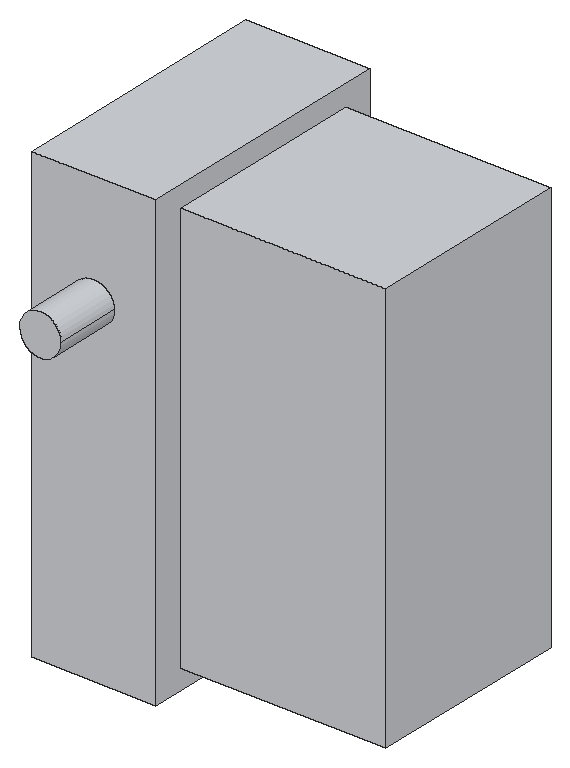
Revit family "2241a861771244cabd1095d933137356", category Mechanical Equipment, Revit 2021
Family settings
  Round Connector Dimension = Use Diameter
  Part Type = Normal
  OmniClass Number = 23.75.70.21.14
  OmniClass Title = Coil Units
  Seek Item ID = Coil - Electrical - Duct-0000-USA-ENU
  Work Plane-Based = No
  Always vertical = Yes
  Cut with Voids When Loaded = No
  Shared = No
  Room Calculation Point = No
Parameters (values of type "Standard")
  Voltage = 240 V
  Terminal Box Width [instance] = Duct Width + 0' 3"  # 1' - 1"
  Terminal Box Height [instance] = Duct Height + 0' 2"  # 1' - 10"
  Pressure Drop [instance] = 0.035 in-wg
  Number of Poles = 2
  Load Classification = Heating
  Heater Width [instance] = 0' - 10"
  Heater Material = none
  Duct Width [instance] = 10"
  Duct Height [instance] = 20"
  Default Elevation = 0' - 0"
  Coff [instance] = 0.25 * Terminal Box Height  # 0' - 5 1/2"
  Apparent Load [instance] = 65.00 W/ft² * Duct Width * Duct Height  # 90.2778 VA
  Air Flow [instance] = 800 CFM
Reference planes (in)
  plane 1 "Center (Front/Back)": y = 0
  plane 2: z = 0
  plane 3 "Center (Left/Right)": x = 0
  plane 4: y = 10
  plane 5: x = -5
  plane 6: x = 5
  plane 7: x = -11
  plane 8: x = -8
  plane 9: y = 11.5
  plane 10: y = -1.5
  plane 11: z = -1
  plane 12: z = 10
  plane 13: z = 20
  plane 14: z = 21
  plane 15: z = 15.5
  plane 16: y = 5
Forms (in)
  Extrusion 1, solid, material <- "Heater Material"
    sketch origin (0, 0, 0) x (1, 0, 0) y (0, 1, 0)
      loop
        line (-5, 10) -> (-5, 0) -> (5, 0) -> (5, 10) -> (-5, 10)
    from 0 to 20
  Extrusion 2, solid, material <- "Heater Material"
    sketch origin (0, 0, 0) x (1, 0, 0) y (0, 1, 0)
      loop
        line (-11, 11.5) -> (-11, -1.5) -> (-5, -1.5) -> (-5, 11.5) -> (-11, 11.5)
    from -1 to 21
  Extrusion 3, solid, material <- "Heater Material"
    sketch origin (0, 0, 0) x (1, 0, 0) y (0, 0, 1)
      loop
        circle (-8, 15.5) r 1
    from 1.5 to 4.72433
Dimensions and locks (in)
  equal spacing: plane 5, plane 3 "Center (Left/Right)", plane 6
  "Duct Width": plane 5 to plane 6
  locked: plane 7 to plane 5 at 6
  equal spacing: plane 7, plane 8, plane 5
  "Terminal Box Width": plane 9 to plane 10
  locked: level to plane 2
  equal spacing: plane 13, plane 12, plane 2
  "Duct Height": plane 13 to plane 2
  equal spacing: plane 14, plane 12, plane 11
  "Terminal Box Height": plane 14 to plane 11
  "Coff": plane 14 to plane 15
  "Heater Width": plane 1 "Center (Front/Back)" to plane 4
  equal spacing: plane 4, plane 16, plane 1 "Center (Front/Back)"
  equal spacing: plane 9, plane 16, plane 10
  aligned and locked: plane 5 to Extrusion 1 sketch curve
  aligned and locked: Extrusion 1 sketch curve to plane 4
  aligned and locked: Extrusion 1 sketch curve to plane 6
  aligned and locked: plane 7 to Extrusion 2 sketch curve
  aligned and locked: Extrusion 2 sketch curve to plane 9
  aligned and locked: plane 10 to Extrusion 2 sketch curve
  aligned and locked: Extrusion 2 sketch curve to plane 5
  aligned and locked: Extrusion 2 to plane 11
  aligned and locked: plane 13 to Extrusion 1
  aligned and locked: plane 14 to Extrusion 2
  aligned and locked: plane 8 to Extrusion 3 sketch curve
  aligned and locked: plane 15 to Extrusion 3 sketch curve
  aligned and locked: plane 10 to Extrusion 3
  aligned and locked: plane 1 "Center (Front/Back)" to Extrusion 1
Automatic sketch dimensions
  Extrusion 3 sketch curve to plane 15 = 0' - 0"
  plane 1 "Center (Front/Back)" to Extrusion 1 sketch curve = 0' - 0"
  radius of Extrusion 3 sketch curve = 0' - 1"
Connectors (in)
  hvac at (0, 0, 10), driven by "Pressure Drop", driven by "Air Flow", driven by "Duct Height", driven by "Duct Width"
    settings: on Extrusion 1, index 1, duct flow 800 CFM, flow factor 0, pres drop 0.035 in-wg, loss coef 0, conn angle 0.00°, conn width 10", conn height 20", conn diameter 24", duct sys type 1, conn prof type 1, flow config 0, flow direction 0, loss method 4, conn ref index 2, conn util no, is conn primary yes, conn desc ""
  hvac at (0, 10, 10), driven by "Pressure Drop", driven by "Air Flow", driven by "Duct Height", driven by "Duct Width"
    settings: on Extrusion 1, index 2, duct flow 800 CFM, flow factor 0, pres drop 0.035 in-wg, loss coef 0, conn angle 0.00°, conn width 10", conn height 20", conn diameter 24", duct sys type 1, conn prof type 1, flow config 0, flow direction 0, loss method 4, conn ref index 1, conn util no, is conn primary no, conn desc ""
  electrical at (-8, -4.72433, 15.5), driven by "Apparent Load", driven by "Voltage", driven by "Number of Poles", driven by "Load Classification"
    settings: on Extrusion 3, index 3, voltage 240 V, apparent load 90.2778 VA, apparent load phase1 0 VA, apparent load phase2 0 VA, apparent load phase3 0 VA, power factor 1, load classification "Heating", number of poles 2, system type 30, power factor state 1, is connector primary yes, connector utility no, sub classification motor no, connector description ""
